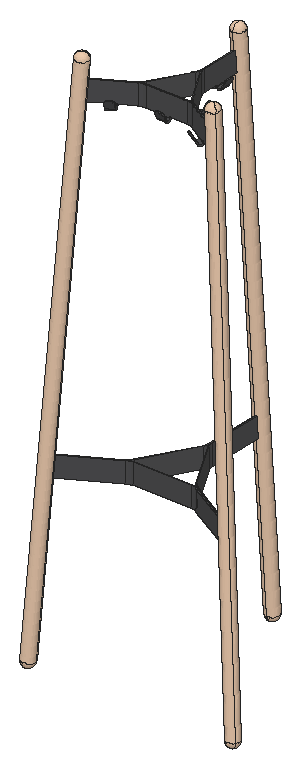
Revit family "NAU_Naughtone_Stnds_Hudson1", category Furniture, Revit 2018
Family settings
  OmniClass Number = 23.40.20.00
  OmniClass Title = General Furniture and Specialties
  Work Plane-Based = No
  Always vertical = Yes
  Cut with Voids When Loaded = No
  Shared = Yes
  Room Calculation Point = No
Parameters
  WarrantyStartDate [instance] = "1900-12-31T23:59:59"
  WarrantyGuarantorParts = "sales@naughtone.com"
  WarrantyGuarantorLabor = "sales@naughtone.com"
  WarrantyDurationUnit = "year"
  WarrantyDurationParts = "7"
  WarrantyDurationLabor = "7"
  WarrantyDescription = "Request warranty information from naughtone"
  Version = "1"
  Uniclass2015Version = "n/a"
  Uniclass2015Title = "Stands"
  Uniclass2015Code = "Pr_40_50_84"
  Uniclass2 = "n/a"
  URL = "www.naughtone.com"
  TagNumber [instance] = "n/a"
  SustainabilityPerformance = "FSC certified. FISP certified. ISO 14001"
  Style = "n/a"
  Size = "640 x 560 x 1620mm"
  Shape = "Rectangular"
  SerialNumber [instance] = "n/a"
  Revision = "0"
  ReplacementCost = "n/a"
  ProductInformation = "www.naughtone.com/products/hudson/"
  NominalWidth = 560 mm
  NominalLength = 640 mm
  NominalHeight = 1620 mm
  Name = "Stands_Hudson_Naughtone"
  NBSTypeID = "n/a"
  NBSReference = "n/a"
  NBSOfficeMasterTag = "n/a"
  NBSDescription = "n/a"
  ModelReference = "Hudson Coatstand"
  ModelNumber = "HUDSON"
  Model = ModelNumber  # "HUDSON"
  Material = "Black or white steel supports"
  ManufacturerURL = "www.naughtone.com"
  ManufacturerName = "Naughtone"  # constant formula
  ManufacturerAddress = "Knaresborough Tech Park, Manse Lane, Knaresborough, HG5 8LF"
  Manufacturer = "sales@naughtone.com"
  MainColor = Color  # "Various"
  LegMaterial [instance] = NAU_Naughtone_Wood_Oak_Leg
  Keynote = Uniclass2015Code  # "Pr_40_50_84"
  InstallationDate [instance] = "1900-12-31T23:59:59"
  IfcExportType = "COATSTAND"
  IfcExportAs = "IfcFurnishingElementType"
  Grade = "n/a"
  FrameMaterial [instance] = NAU_Naughtone_Metal_Steel_Black
  Finish = "Oak or walnut dowels"
  Features = "n/a"
  ExpectedLife = "n/a"
  DurationUnit = "year"
  Description = ModelReference  # "Hudson Coatstand"
  ContactTelephoneNumber = "+44 (0) 1423 816500"
  ContactEmailAddress = "sales@naughtone.com"
  Constituents = "n/a"
  Color = "Various"
  CodePerformance = "n/a"
  Category = "Pr_40_50_84 : Stands"
  BarCode [instance] = "n/a"
  BIMObjectName = "NAU_Naughtone_Stands_Hudson"
  Author = "BIMBox"  # constant formula
  AssetType = "Movable"
  AssetIdentifier [instance] = "n/a"
  Assembly Code = "E2020200"
  AccessibilityPerformance = "n/a"
Reference planes
  plane 1 "Center (Front/Back)": y = 0
  plane 2: z = 0
  plane 3 "Center (Left/Right)": x = 0
Forms (mm)
  Revolve 1, solid, material "NAU_Naughtone_Wood_Oak_Leg" <- "LegMaterial"
    sketch origin (0.054, -0.094, 0) x (-0.866287, -0.499547, 0) y (0, 0, 1)
      loop
        line (363.709, 20.415) -> (239.777, 1602.54)
        arc (239.777, 1602.54) -> (233.194, 1615.286) -> (219.476, 1619.485) r 18.484
        line (219.476, 1619.485) -> (346.335, 0)
        arc (346.335, 0) -> (359.238, 6.62) -> (363.709, 20.415) r 18.996
      axis (346.335, 0) -> (219.476, 1619.485)
    angle from 0 to 360
  Revolve 2, solid, material "NAU_Naughtone_Wood_Oak_Leg" <- "LegMaterial"
    sketch origin (-0.054, -0.094, 0) x (0.866287, -0.499547, 0) y (0, 0, -1)
      loop
        arc (363.709, -20.415) -> (359.238, -6.62) -> (346.335, 0) r 18.996
        line (346.335, 0) -> (219.476, -1619.485)
        arc (219.476, -1619.485) -> (233.194, -1615.286) -> (239.777, -1602.54) r 18.484
        line (239.777, -1602.54) -> (363.709, -20.415)
      axis (346.335, 0) -> (219.476, -1619.485)
    angle from 0 to 360
  Revolve 3, solid, material "NAU_Naughtone_Wood_Oak_Leg" <- "LegMaterial"
    sketch origin (0, 0, 0) x (0, 1, 0) y (0, 0, 1)
      loop
        line (363.708, 20.412) -> (239.778, 1602.54)
        arc (239.778, 1602.54) -> (233.201, 1615.281) -> (219.494, 1619.485) r 18.482
        line (219.494, 1619.485) -> (346.35, 0)
        arc (346.35, 0) -> (359.242, 6.624) -> (363.708, 20.412) r 18.995
      axis (346.35, 0) -> (219.494, 1619.485)
    angle from 0 to 360
  Extrusion 4, solid, material "NAU_Naughtone_Metal_Steel_Black" <- "FrameMaterial"
    sketch origin (0, 0, 0) x (1, 0, 0) y (0, 1, 0)
      loop
        arc (-92.39, -44.553) -> (-98.452, -52.453) -> (-106.352, -58.515) r 38.145
        line (-106.352, -58.515) -> (-255.134, -144.415) -> (-253.885, -146.58) -> (-105.083, -60.669)
        arc (-105.083, -60.669) -> (-96.676, -54.213) -> (-90.225, -45.803) r 40.645
        line (-90.225, -45.803) -> (-5.44, 101.049)
        arc (-5.44, 101.049) -> (-1.384, 110.841) -> (0, 121.349) r 40.6
        line (0, 121.349) -> (0, 293.161) -> (-2.5, 293.161) -> (-2.5, 121.349)
        arc (-2.5, 121.349) -> (-3.798, 111.488) -> (-7.605, 102.299) r 38.1
        line (-7.605, 102.299) -> (-92.39, -44.553)
    from 500 to 560
  Extrusion 5, solid, material "NAU_Naughtone_Metal_Steel_Black" <- "FrameMaterial"
    sketch origin (0, 0, 0) x (-1, 0, 0) y (0, -1, 0)
      loop
        line (-92.39, 44.553) -> (-7.605, -102.299)
        arc (-7.605, -102.299) -> (-3.798, -111.488) -> (-2.5, -121.349) r 38.1
        line (-2.5, -121.349) -> (-2.5, -293.161) -> (0, -293.161) -> (0, -121.349)
        arc (0, -121.349) -> (-1.384, -110.841) -> (-5.44, -101.049) r 40.6
        line (-5.44, -101.049) -> (-90.225, 45.803)
        arc (-90.225, 45.803) -> (-96.676, 54.213) -> (-105.083, 60.669) r 40.645
        line (-105.083, 60.669) -> (-252.827, 145.97) -> (-254.076, 143.804) -> (-106.352, 58.515)
        arc (-106.352, 58.515) -> (-98.452, 52.453) -> (-92.39, 44.553) r 38.145
    from 500 to 560
  Extrusion 6, solid, material "NAU_Naughtone_Metal_Steel_Black" <- "FrameMaterial"
    sketch origin (0, 0, 0) x (-0.5, 0.866025, 0) y (-0.866025, -0.5, 0)
      loop
        arc (-92.39, -44.553) -> (-98.452, -52.453) -> (-106.352, -58.515) r 38.145
        line (-106.352, -58.515) -> (-254.076, -143.804) -> (-252.827, -145.97) -> (-105.083, -60.669)
        arc (-105.083, -60.669) -> (-96.676, -54.213) -> (-90.225, -45.803) r 40.645
        line (-90.225, -45.803) -> (-5.44, 101.049)
        arc (-5.44, 101.049) -> (-1.384, 110.841) -> (0, 121.349) r 40.6
        line (0, 121.349) -> (0, 293.161) -> (-2.5, 293.161) -> (-2.5, 121.349)
        arc (-2.5, 121.349) -> (-3.798, 111.488) -> (-7.605, 102.299) r 38.1
        line (-7.605, 102.299) -> (-92.39, -44.553)
    from 500 to 560
  Extrusion 7, solid, material "NAU_Naughtone_Metal_Steel_Black" <- "FrameMaterial"
    sketch origin (12.376, -7.146, 0) x (1, 0, 0) y (0, 1, 0)
      loop
        arc (-80.013, -23.117) -> (-86.075, -31.017) -> (-93.975, -37.079) r 38.145
        line (-93.975, -37.079) -> (-212.622, -105.579) -> (-211.354, -107.775) -> (-92.761, -39.306)
        arc (-92.761, -39.306) -> (-84.343, -32.847) -> (-77.884, -24.429) r 40.645
        line (-77.884, -24.429) -> (-17.816, 79.612)
        arc (-17.816, 79.612) -> (-13.76, 89.404) -> (-12.376, 99.912) r 40.6
        line (-12.376, 99.912) -> (-12.376, 236.874) -> (-14.876, 236.874) -> (-14.876, 99.912)
        arc (-14.876, 99.912) -> (-16.175, 90.051) -> (-19.981, 80.862) r 38.1
        line (-19.981, 80.862) -> (-80.013, -23.117)
    from 1490 to 1550
  Extrusion 8, solid, material "NAU_Naughtone_Metal_Steel_Black" <- "FrameMaterial"
    sketch origin (-12.376, -7.146, 0) x (-1, 0, 0) y (0, -1, 0)
      loop
        line (-80.013, 23.117) -> (-19.981, -80.862)
        arc (-19.981, -80.862) -> (-16.175, -90.051) -> (-14.876, -99.912) r 38.1
        line (-14.876, -99.912) -> (-14.876, -236.874) -> (-12.376, -236.874) -> (-12.376, -99.912)
        arc (-12.376, -99.912) -> (-13.76, -89.404) -> (-17.816, -79.612) r 40.6
        line (-17.816, -79.612) -> (-77.884, 24.429)
        arc (-77.884, 24.429) -> (-84.343, 32.847) -> (-92.761, 39.306) r 40.645
        line (-92.761, 39.306) -> (-211.354, 107.775) -> (-212.622, 105.579) -> (-93.975, 37.079)
        arc (-93.975, 37.079) -> (-86.075, 31.017) -> (-80.013, 23.117) r 38.145
    from 1490 to 1550
  Extrusion 9, solid, material "NAU_Naughtone_Metal_Steel_Black" <- "FrameMaterial"
    sketch origin (-0.036, 14.229, 0) x (-0.5, 0.866025, 0) y (-0.866025, -0.5, 0)
      loop
        arc (-80.013, -23.117) -> (-86.075, -31.017) -> (-93.975, -37.079) r 38.145
        line (-93.975, -37.079) -> (-212.622, -105.579) -> (-211.354, -107.775) -> (-92.761, -39.306)
        arc (-92.761, -39.306) -> (-84.343, -32.847) -> (-77.884, -24.429) r 40.645
        line (-77.884, -24.429) -> (-17.816, 79.612)
        arc (-17.816, 79.612) -> (-13.76, 89.404) -> (-12.376, 99.912) r 40.6
        line (-12.376, 99.912) -> (-12.376, 236.874) -> (-14.876, 236.874) -> (-14.876, 99.912)
        arc (-14.876, 99.912) -> (-16.175, 90.051) -> (-19.981, 80.862) r 38.1
        line (-19.981, 80.862) -> (-80.013, -23.117)
    from 1490 to 1550
  Extrusion 10, solid, material "NAU_Naughtone_Metal_Steel_Black" <- "FrameMaterial"
    sketch origin (0, 0, 0) x (1, 0, 0) y (0, 0, 1)
      loop
        line (-33.07, 1512.556) -> (-16.127, 1483.21)
        arc (-16.127, 1483.21) -> (-6.406, 1479.183) -> (0, 1487.531) r 8.642
        line (0, 1487.531) -> (0, 1490) -> (-2.5, 1490) -> (-2.5, 1487.373)
        arc (-2.5, 1487.373) -> (-7.021, 1481.481) -> (-13.883, 1484.323) r 6.1
        line (-13.883, 1484.323) -> (-30.905, 1513.806) -> (-33.07, 1512.556)
    from -165.361 to -140.361
  Extrusion 11, void
    sketch origin (-33.07, 0, 1512.556) x (0.5, 0, -0.866025) y (0, -1, 0)
      loop
        line (-2.291, -136.821) -> (-2.291, -169.607) -> (12.5, -169.607) -> (12.5, -165.361)
        arc (12.5, -165.361) -> (0, -152.861) -> (12.5, -140.361) r 12.5
        line (12.5, -140.361) -> (12.5, -136.821) -> (-2.291, -136.821)
    from -5.7 to 2.796
  Extrusion 12, solid, material "NAU_Naughtone_Metal_Steel_Black" <- "FrameMaterial"
    sketch origin (-0.03, -0.052, 0) x (0.5, -0.866025, 0) y (0, 0, -1)
      loop
        line (-33.07, -1512.556) -> (-30.905, -1513.806) -> (-13.883, -1484.323)
        arc (-13.883, -1484.323) -> (-7.021, -1481.481) -> (-2.5, -1487.373) r 6.1
        line (-2.5, -1487.373) -> (-2.5, -1490) -> (0, -1490) -> (0, -1487.531)
        arc (0, -1487.531) -> (-6.406, -1479.183) -> (-16.127, -1483.21) r 8.642
        line (-16.127, -1483.21) -> (-33.07, -1512.556)
    from -165.361 to -140.361
  Extrusion 13, void
    sketch origin (-16.565, 28.588, 1512.556) x (0.25, -0.433013, -0.866025) y (-0.866025, -0.5, 0)
      loop
        line (-2.291, 136.821) -> (12.5, 136.821) -> (12.5, 140.361)
        arc (12.5, 140.361) -> (0, 152.861) -> (12.5, 165.361) r 12.5
        line (12.5, 165.361) -> (12.5, 169.607) -> (-2.291, 169.607) -> (-2.291, 136.821)
    from -5.7 to 2.796
  Extrusion 14, solid, material "NAU_Naughtone_Metal_Steel_Black" <- "FrameMaterial"
    sketch origin (40.975, 152.859, 0) x (0.866025, -0.5, 0) y (0, 0, -1)
      loop
        line (-33.07, -1512.556) -> (-30.905, -1513.806) -> (-13.883, -1484.323)
        arc (-13.883, -1484.323) -> (-7.021, -1481.481) -> (-2.5, -1487.373) r 6.1
        line (-2.5, -1487.373) -> (-2.5, -1490) -> (0, -1490) -> (0, -1487.531)
        arc (0, -1487.531) -> (-6.406, -1479.183) -> (-16.127, -1483.21) r 8.642
        line (-16.127, -1483.21) -> (-33.07, -1512.556)
    from -165.361 to -140.361
  Extrusion 15, void
    sketch origin (12.335, 169.394, 1512.556) x (0.433013, -0.25, -0.866025) y (-0.5, -0.866025, 0)
      loop
        line (-2.291, 136.821) -> (12.5, 136.821) -> (12.5, 140.361)
        arc (12.5, 140.361) -> (0, 152.861) -> (12.5, 165.361) r 12.5
        line (12.5, 165.361) -> (12.5, 169.607) -> (-2.291, 169.607) -> (-2.291, 136.821)
    from -5.7 to 2.796
  Extrusion 16, solid, material "NAU_Naughtone_Metal_Steel_Black" <- "FrameMaterial"
    sketch origin (0, 0, 0) x (-1, 0, 0) y (0, 0, -1)
      loop
        line (-33.07, -1512.556) -> (-30.905, -1513.806) -> (-13.883, -1484.323)
        arc (-13.883, -1484.323) -> (-7.021, -1481.481) -> (-2.5, -1487.373) r 6.1
        line (-2.5, -1487.373) -> (-2.5, -1490) -> (0, -1490) -> (0, -1487.531)
        arc (0, -1487.531) -> (-6.406, -1479.183) -> (-16.127, -1483.21) r 8.642
        line (-16.127, -1483.21) -> (-33.07, -1512.556)
    from -165.361 to -140.361
  Extrusion 17, void
    sketch origin (33.07, 0, 1512.556) x (-0.5, 0, -0.866025) y (0, 1, 0)
      loop
        line (-2.291, 136.821) -> (12.5, 136.821) -> (12.5, 140.361)
        arc (12.5, 140.361) -> (0, 152.861) -> (12.5, 165.361) r 12.5
        line (12.5, 165.361) -> (12.5, 169.607) -> (-2.291, 169.607) -> (-2.291, 136.821)
    from -5.7 to 2.796
  Extrusion 18, solid, material "NAU_Naughtone_Metal_Steel_Black" <- "FrameMaterial"
    sketch origin (0.03, -0.052, 0) x (-0.5, -0.866025, 0) y (0, 0, 1)
      loop
        line (-33.07, 1512.556) -> (-16.127, 1483.21)
        arc (-16.127, 1483.21) -> (-6.406, 1479.183) -> (0, 1487.531) r 8.642
        line (0, 1487.531) -> (0, 1490) -> (-2.5, 1490) -> (-2.5, 1487.373)
        arc (-2.5, 1487.373) -> (-7.021, 1481.481) -> (-13.883, 1484.323) r 6.1
        line (-13.883, 1484.323) -> (-30.905, 1513.806) -> (-33.07, 1512.556)
    from -165.361 to -140.361
  Extrusion 19, void
    sketch origin (16.565, 28.588, 1512.556) x (-0.25, -0.433013, -0.866025) y (-0.866025, 0.5, 0)
      loop
        line (-2.291, -136.821) -> (-2.291, -169.607) -> (12.5, -169.607) -> (12.5, -165.361)
        arc (12.5, -165.361) -> (0, -152.861) -> (12.5, -140.361) r 12.5
        line (12.5, -140.361) -> (12.5, -136.821) -> (-2.291, -136.821)
    from -5.7 to 2.796
  Extrusion 20, solid, material "NAU_Naughtone_Metal_Steel_Black" <- "FrameMaterial"
    sketch origin (-40.975, 152.859, 0) x (-0.866025, -0.5, 0) y (0, 0, 1)
      loop
        line (-33.07, 1512.556) -> (-16.127, 1483.21)
        arc (-16.127, 1483.21) -> (-6.406, 1479.183) -> (0, 1487.531) r 8.642
        line (0, 1487.531) -> (0, 1490) -> (-2.5, 1490) -> (-2.5, 1487.373)
        arc (-2.5, 1487.373) -> (-7.021, 1481.481) -> (-13.883, 1484.323) r 6.1
        line (-13.883, 1484.323) -> (-30.905, 1513.806) -> (-33.07, 1512.556)
    from -165.361 to -140.361
  Extrusion 21, void
    sketch origin (-12.335, 169.394, 1512.556) x (-0.433013, -0.25, -0.866025) y (-0.5, 0.866025, 0)
      loop
        line (-2.291, -136.821) -> (-2.291, -169.607) -> (12.5, -169.607) -> (12.5, -165.361)
        arc (12.5, -165.361) -> (0, -152.861) -> (12.5, -140.361) r 12.5
        line (12.5, -140.361) -> (12.5, -136.821) -> (-2.291, -136.821)
    from -5.7 to 2.796
  Extrusion 22, solid, material "NAU_Naughtone_Metal_Steel_Black" <- "FrameMaterial"
    sketch origin (-0.036, -0.062, 0) x (-0.5, 0.866025, 0) y (0, 0, 1)
      loop
        line (-33.07, 1512.556) -> (-16.127, 1483.21)
        arc (-16.127, 1483.21) -> (-6.406, 1479.183) -> (0, 1487.531) r 8.642
        line (0, 1487.531) -> (0, 1490) -> (-2.5, 1490) -> (-2.5, 1487.373)
        arc (-2.5, 1487.373) -> (-7.021, 1481.481) -> (-13.883, 1484.323) r 6.1
        line (-13.883, 1484.323) -> (-30.905, 1513.806) -> (-33.07, 1512.556)
    from -165.361 to -140.361
  Extrusion 23, void
    sketch origin (16.499, -28.702, 1512.556) x (-0.25, 0.433013, -0.866025) y (0.866025, 0.5, 0)
      loop
        line (-2.291, -136.821) -> (-2.291, -169.607) -> (12.5, -169.607) -> (12.5, -165.361)
        arc (12.5, -165.361) -> (0, -152.861) -> (12.5, -140.361) r 12.5
        line (12.5, -140.361) -> (12.5, -136.821) -> (-2.291, -136.821)
    from -5.7 to 2.796
  Extrusion 24, solid, material "NAU_Naughtone_Metal_Steel_Black" <- "FrameMaterial"
    sketch origin (0.024, -0.062, 0) x (0.5, 0.866025, 0) y (0, 0, -1)
      loop
        line (-33.07, -1512.556) -> (-30.905, -1513.806) -> (-13.883, -1484.323)
        arc (-13.883, -1484.323) -> (-7.021, -1481.481) -> (-2.5, -1487.373) r 6.1
        line (-2.5, -1487.373) -> (-2.5, -1490) -> (0, -1490) -> (0, -1487.531)
        arc (0, -1487.531) -> (-6.406, -1479.183) -> (-16.127, -1483.21) r 8.642
        line (-16.127, -1483.21) -> (-33.07, -1512.556)
    from -165.361 to -140.361
  Extrusion 25, void
    sketch origin (-16.511, -28.702, 1512.556) x (0.25, 0.433013, -0.866025) y (0.866025, -0.5, 0)
      loop
        line (-2.291, 136.821) -> (12.5, 136.821) -> (12.5, 140.361)
        arc (12.5, 140.361) -> (0, 152.861) -> (12.5, 165.361) r 12.5
        line (12.5, 165.361) -> (12.5, 169.607) -> (-2.291, 169.607) -> (-2.291, 136.821)
    from -5.7 to 2.796
  Extrusion 26, solid, material "NAU_Naughtone_Metal_Steel_Black" <- "FrameMaterial"
    sketch origin (-152.903, -41.006, 0) x (0, 1, 0) y (0, 0, -1)
      loop
        line (-33.07, -1512.556) -> (-30.905, -1513.806) -> (-13.883, -1484.323)
        arc (-13.883, -1484.323) -> (-7.021, -1481.481) -> (-2.5, -1487.373) r 6.1
        line (-2.5, -1487.373) -> (-2.5, -1490) -> (0, -1490) -> (0, -1487.531)
        arc (0, -1487.531) -> (-6.406, -1479.183) -> (-16.127, -1483.21) r 8.642
        line (-16.127, -1483.21) -> (-33.07, -1512.556)
    from -165.361 to -140.361
  Extrusion 27, void
    sketch origin (-152.903, -74.076, 1512.556) x (0, 0.5, -0.866025) y (1, 0, 0)
      loop
        line (-2.291, 136.821) -> (12.5, 136.821) -> (12.5, 140.361)
        arc (12.5, 140.361) -> (0, 152.861) -> (12.5, 165.361) r 12.5
        line (12.5, 165.361) -> (12.5, 169.607) -> (-2.291, 169.607) -> (-2.291, 136.821)
    from -5.7 to 2.796
  Revolve 28, void
    sketch origin (-0.054, -0.094, 0) x (0.866287, -0.499547, 0) y (0, 0, -1)
      loop
        arc (363.709, -20.415) -> (359.238, -6.62) -> (346.335, 0) r 18.996
        line (346.335, 0) -> (219.476, -1619.485)
        arc (219.476, -1619.485) -> (233.194, -1615.286) -> (239.777, -1602.54) r 18.484
        line (239.777, -1602.54) -> (363.709, -20.415)
      axis (346.335, 0) -> (219.476, -1619.485)
    angle from 0 to 360
  Revolve 29, void
    sketch origin (0.054, -0.094, 0) x (-0.866287, -0.499547, 0) y (0, 0, 1)
      loop
        line (363.709, 20.415) -> (239.777, 1602.54)
        arc (239.777, 1602.54) -> (233.194, 1615.286) -> (219.476, 1619.485) r 18.484
        line (219.476, 1619.485) -> (346.335, 0)
        arc (346.335, 0) -> (359.238, 6.62) -> (363.709, 20.415) r 18.996
      axis (346.335, 0) -> (219.476, 1619.485)
    angle from 0 to 360
  Revolve 30, void
    sketch origin (0, 0, 0) x (0, 1, 0) y (0, 0, 1)
      loop
        line (363.708, 20.412) -> (239.778, 1602.54)
        arc (239.778, 1602.54) -> (233.201, 1615.281) -> (219.494, 1619.485) r 18.482
        line (219.494, 1619.485) -> (346.35, 0)
        arc (346.35, 0) -> (359.242, 6.624) -> (363.708, 20.412) r 18.995
      axis (346.35, 0) -> (219.494, 1619.485)
    angle from 0 to 360
Cuts and joins
  Revolve 29, Revolve 30 cuts Extrusion 7
  Extrusion 11, Extrusion 13, Extrusion 17 cuts Extrusion 10
  Extrusion 13, Extrusion 15, Extrusion 19 cuts Extrusion 12
  Extrusion 15, Extrusion 21 cuts Extrusion 14
  joined: Extrusion 7, Extrusion 10, Extrusion 12, Extrusion 14
  Revolve 28, Revolve 30 cuts Extrusion 8
  Extrusion 17, Extrusion 23 cuts Extrusion 16
  Extrusion 19, Extrusion 25 cuts Extrusion 18
  Extrusion 21, Extrusion 27 cuts Extrusion 20
  joined: Extrusion 8, Extrusion 16, Extrusion 18, Extrusion 20
  Revolve 28, Revolve 29 cuts Extrusion 9
  Extrusion 23 cuts Extrusion 22
  Extrusion 25 cuts Extrusion 24
  Extrusion 27 cuts Extrusion 26
  joined: Extrusion 9, Extrusion 22, Extrusion 24, Extrusion 26
  Revolve 28, Revolve 29 cuts Extrusion 6
  Revolve 28, Revolve 30 cuts Extrusion 5
  Revolve 29, Revolve 30 cuts Extrusion 4
Dimensions and locks
  aligned and locked: level to plane 2
